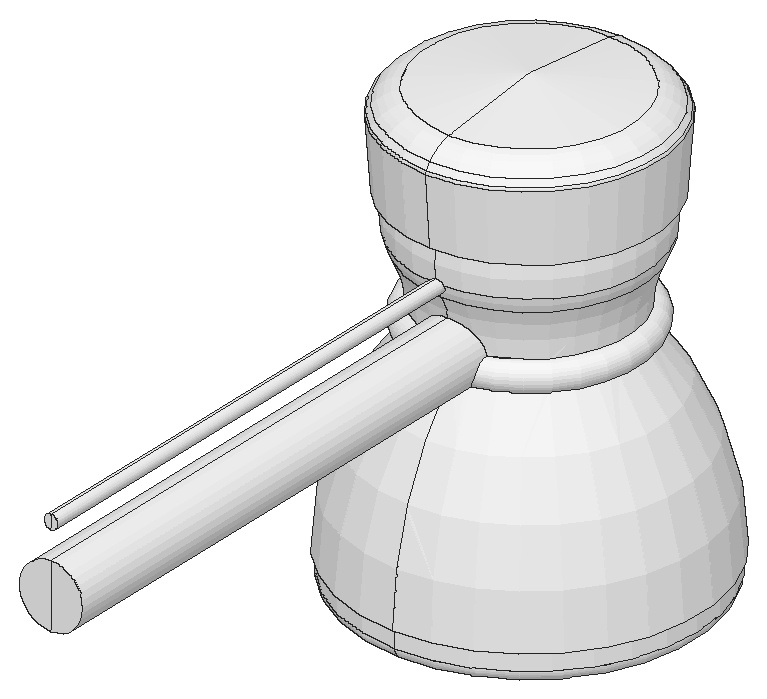
Revit family "734250001_Ducha Electrica 110V Megaducha", category Plumbing Fixtures, host Wall, Revit 2020 (continued)
Automatic sketch dimensions
  Revolve 60 sketch curve to Revolve 60 sketch curve = 0.173 mm
  Revolve 60 sketch curve to Revolve 60 sketch curve = 0.655 mm
  plane 8 to Revolve 61 sketch curve = 3.104 mm
  plane 9 to Revolve 61 sketch curve = 20.74 mm
  Revolve 61 sketch curve to Revolve 61 sketch curve = 1.25 mm
  Revolve 61 sketch curve to Revolve 61 sketch curve = 0 mm
  Revolve 61 sketch curve to Revolve 61 sketch curve = 0.173 mm
  Revolve 61 sketch curve to Revolve 61 sketch curve = 0.655 mm
  plane 8 to Revolve 62 sketch curve = 3.104 mm
  Revolve 62 sketch curve to plane 10 = 23.643 mm
  Revolve 62 sketch curve to Revolve 62 sketch curve = 1.25 mm
  Revolve 62 sketch curve to Revolve 62 sketch curve = 0 mm
  Revolve 62 sketch curve to Revolve 62 sketch curve = 0.173 mm
  Revolve 62 sketch curve to Revolve 62 sketch curve = 0.655 mm
  plane 8 to Revolve 63 sketch curve = 3.104 mm
  Revolve 63 sketch curve to plane 10 = 16.624 mm
  Revolve 63 sketch curve to Revolve 63 sketch curve = 1.25 mm
  Revolve 63 sketch curve to Revolve 63 sketch curve = 0 mm
  Revolve 63 sketch curve to Revolve 63 sketch curve = 0.173 mm
  Revolve 63 sketch curve to Revolve 63 sketch curve = 0.655 mm
  plane 8 to Revolve 64 sketch curve = 3.104 mm
  Revolve 64 sketch curve to plane 10 = 8.233 mm
  Revolve 64 sketch curve to Revolve 64 sketch curve = 1.25 mm
  Revolve 64 sketch curve to Revolve 64 sketch curve = 0 mm
  Revolve 64 sketch curve to Revolve 64 sketch curve = 0.173 mm
  Revolve 64 sketch curve to Revolve 64 sketch curve = 0.655 mm
  plane 8 to Revolve 65 sketch curve = 3.104 mm
  plane 9 to Revolve 65 sketch curve = 17.676 mm
  Revolve 65 sketch curve to Revolve 65 sketch curve = 1.25 mm
  Revolve 65 sketch curve to Revolve 65 sketch curve = 0 mm
  Revolve 65 sketch curve to Revolve 65 sketch curve = 0.655 mm
  Revolve 65 sketch curve to Revolve 65 sketch curve = 0.173 mm
  plane 8 to Revolve 66 sketch curve = 3.104 mm
  plane 9 to Revolve 66 sketch curve = 20.74 mm
  Revolve 66 sketch curve to Revolve 66 sketch curve = 1.25 mm
  Revolve 66 sketch curve to Revolve 66 sketch curve = 0 mm
  Revolve 66 sketch curve to Revolve 66 sketch curve = 0.655 mm
  Revolve 66 sketch curve to Revolve 66 sketch curve = 0.173 mm
  plane 8 to Revolve 67 sketch curve = 3.104 mm
  Revolve 67 sketch curve to plane 10 = 23.643 mm
  Revolve 67 sketch curve to Revolve 67 sketch curve = 1.25 mm
  Revolve 67 sketch curve to Revolve 67 sketch curve = 0 mm
  Revolve 67 sketch curve to Revolve 67 sketch curve = 0.655 mm
  Revolve 67 sketch curve to Revolve 67 sketch curve = 0.173 mm
  plane 8 to Revolve 68 sketch curve = 3.104 mm
  Revolve 68 sketch curve to plane 10 = 16.624 mm
  Revolve 68 sketch curve to Revolve 68 sketch curve = 1.25 mm
  Revolve 68 sketch curve to Revolve 68 sketch curve = 0 mm
  Revolve 68 sketch curve to Revolve 68 sketch curve = 0.655 mm
  Revolve 68 sketch curve to Revolve 68 sketch curve = 0.173 mm
  plane 8 to Revolve 69 sketch curve = 3.104 mm
  Revolve 69 sketch curve to plane 10 = 8.233 mm
  Revolve 69 sketch curve to Revolve 69 sketch curve = 1.25 mm
  Revolve 69 sketch curve to Revolve 69 sketch curve = 0 mm
  Revolve 69 sketch curve to Revolve 69 sketch curve = 0.655 mm
  Revolve 69 sketch curve to Revolve 69 sketch curve = 0.173 mm
  Revolve 2 sketch curve to plane 9 = 0 mm
  Revolve 2 sketch curve to plane 7 = 0 mm
  Revolve 2 sketch curve to plane 10 = 0 mm
  Revolve 2 sketch curve to plane 8 = 0 mm
  Revolve 2 sketch curve to plane 9 = 8.491 mm
  Revolve 2 sketch curve to Revolve 2 sketch curve = 0.79 mm
  Revolve 2 sketch curve to Revolve 2 sketch curve = 3.549 mm
  plane 9 to Revolve 2 sketch curve = 13.658 mm
  plane 9 to Revolve 2 sketch curve = 14.158 mm
  Revolve 2 sketch curve to Revolve 2 sketch curve = 2.291 mm
  plane 9 to Revolve 2 sketch curve = 21.389 mm
  Revolve 2 sketch curve to Revolve 2 sketch curve = 8.665 mm
  Revolve 2 sketch curve to Revolve 2 sketch curve = 2.704 mm
  Revolve 2 sketch curve to Revolve 2 sketch curve = 13.576 mm
  Revolve 2 sketch curve to plane 10 = 6.448 mm
  plane 10 to Revolve 2 sketch curve = 4.039 mm
  plane 10 to Revolve 2 sketch curve = 3.835 mm
  Revolve 2 sketch curve to plane 6 = 13.965 mm
  plane 6 to Revolve 2 sketch curve = 15.284 mm
  Revolve 2 sketch curve to plane 8 = 25.967 mm
  plane 8 to Revolve 2 sketch curve = 0.04 mm
  plane 8 to Revolve 2 sketch curve = 10.672 mm
  Revolve 2 sketch curve to Revolve 2 sketch curve = 5.042 mm
  plane 8 to Revolve 2 sketch curve = 15.954 mm
  Revolve 2 sketch curve to Revolve 2 sketch curve = 3.894 mm
  Revolve 2 sketch curve to Revolve 2 sketch curve = 25.421 mm
  Revolve 2 sketch curve to Revolve 2 sketch curve = 2.594 mm
  Revolve 2 sketch curve to Revolve 2 sketch curve = 7.7 mm
  Revolve 2 sketch curve to Revolve 2 sketch curve = 12.757 mm
  Revolve 2 sketch curve to Revolve 2 sketch curve = 2.245 mm
  Revolve 2 sketch curve to plane 7 = 12.616 mm
  Revolve 2 sketch curve to Revolve 2 sketch curve = 6.71 mm
  plane 7 to Revolve 2 sketch curve = 39.067 mm
  Revolve 2 sketch curve to Revolve 2 sketch curve = 0 mm  (x5)
  Revolve 2 sketch curve to Revolve 2 sketch curve = 8.624 mm
  Revolve 71 sketch curve to Revolve 71 sketch curve = 0.478 mm
  Revolve 71 sketch curve to Revolve 71 sketch curve = 1.006 mm
  Revolve 71 sketch curve to Revolve 71 sketch curve = 2.463 mm
  Revolve 71 sketch curve to Revolve 71 sketch curve = 0.765 mm
  Revolve 71 sketch curve to Revolve 71 sketch curve = 1.259 mm
  Revolve 71 sketch curve to Revolve 71 sketch curve = 0 mm  (x2)
  Revolve 71 sketch curve to Revolve 71 sketch curve = 0.82 mm  (x2)
  Revolve 72 sketch curve to Revolve 72 sketch curve = 0.478 mm
  Revolve 72 sketch curve to Revolve 72 sketch curve = 1.006 mm
  Revolve 72 sketch curve to Revolve 72 sketch curve = 2.463 mm
  Revolve 72 sketch curve to Revolve 72 sketch curve = 0.765 mm
  Revolve 72 sketch curve to Revolve 72 sketch curve = 1.259 mm
  Revolve 72 sketch curve to Revolve 72 sketch curve = 0 mm  (x2)
  Revolve 72 sketch curve to Revolve 72 sketch curve = 0.82 mm  (x2)
  Revolve 73 sketch curve to Revolve 73 sketch curve = 0.478 mm
  Revolve 73 sketch curve to Revolve 73 sketch curve = 1.006 mm
  Revolve 73 sketch curve to Revolve 73 sketch curve = 2.463 mm
  Revolve 73 sketch curve to Revolve 73 sketch curve = 0.765 mm
  Revolve 73 sketch curve to Revolve 73 sketch curve = 1.259 mm
  Revolve 73 sketch curve to Revolve 73 sketch curve = 0 mm  (x2)
  Revolve 73 sketch curve to Revolve 73 sketch curve = 0.82 mm  (x2)
  Revolve 75 sketch curve to Revolve 75 sketch curve = 0.478 mm
  Revolve 75 sketch curve to Revolve 75 sketch curve = 1.006 mm
  Revolve 75 sketch curve to Revolve 75 sketch curve = 2.463 mm
  Revolve 75 sketch curve to Revolve 75 sketch curve = 2.024 mm
  Revolve 75 sketch curve to Revolve 75 sketch curve = 0.765 mm
  Revolve 75 sketch curve to Revolve 75 sketch curve = 0 mm  (x2)
  Revolve 75 sketch curve to Revolve 75 sketch curve = 0.82 mm  (x2)
  Revolve 76 sketch curve to Revolve 76 sketch curve = 0.478 mm
  Revolve 76 sketch curve to Revolve 76 sketch curve = 1.006 mm
  Revolve 76 sketch curve to Revolve 76 sketch curve = 2.463 mm
  Revolve 76 sketch curve to Revolve 76 sketch curve = 2.024 mm
  Revolve 76 sketch curve to Revolve 76 sketch curve = 0.765 mm
  Revolve 76 sketch curve to Revolve 76 sketch curve = 0 mm  (x2)
  Revolve 76 sketch curve to Revolve 76 sketch curve = 0.82 mm  (x2)
  Revolve 77 sketch curve to Revolve 77 sketch curve = 0.478 mm
  Revolve 77 sketch curve to Revolve 77 sketch curve = 1.006 mm
  Revolve 77 sketch curve to Revolve 77 sketch curve = 2.463 mm
  Revolve 77 sketch curve to Revolve 77 sketch curve = 2.024 mm
  Revolve 77 sketch curve to Revolve 77 sketch curve = 0.765 mm
  Revolve 77 sketch curve to Revolve 77 sketch curve = 0 mm  (x2)
  Revolve 77 sketch curve to Revolve 77 sketch curve = 0.82 mm  (x2)
  Revolve 80 sketch curve to Revolve 80 sketch curve = 0.478 mm
  Revolve 80 sketch curve to Revolve 80 sketch curve = 1.006 mm
  Revolve 80 sketch curve to Revolve 80 sketch curve = 2.463 mm
  Revolve 80 sketch curve to Revolve 80 sketch curve = 2.024 mm
  Revolve 80 sketch curve to Revolve 80 sketch curve = 0.765 mm
  Revolve 80 sketch curve to Revolve 80 sketch curve = 0 mm  (x2)
  Revolve 80 sketch curve to Revolve 80 sketch curve = 0.82 mm  (x2)
  Revolve 81 sketch curve to Revolve 81 sketch curve = 0.478 mm
  Revolve 81 sketch curve to Revolve 81 sketch curve = 1.006 mm
  Revolve 81 sketch curve to Revolve 81 sketch curve = 2.463 mm
  Revolve 81 sketch curve to Revolve 81 sketch curve = 2.024 mm
  Revolve 81 sketch curve to Revolve 81 sketch curve = 0.765 mm
  Revolve 81 sketch curve to Revolve 81 sketch curve = 0 mm  (x2)
  Revolve 81 sketch curve to Revolve 81 sketch curve = 0.82 mm  (x2)
  Revolve 82 sketch curve to Revolve 82 sketch curve = 0.478 mm
  Revolve 82 sketch curve to Revolve 82 sketch curve = 1.006 mm
  Revolve 82 sketch curve to Revolve 82 sketch curve = 2.463 mm
  Revolve 82 sketch curve to Revolve 82 sketch curve = 2.024 mm
  Revolve 82 sketch curve to Revolve 82 sketch curve = 0.765 mm
  Revolve 82 sketch curve to Revolve 82 sketch curve = 0 mm  (x2)
  Revolve 82 sketch curve to Revolve 82 sketch curve = 0.82 mm  (x2)
  Revolve 83 sketch curve to Revolve 83 sketch curve = 0.478 mm
  Revolve 83 sketch curve to Revolve 83 sketch curve = 1.006 mm
  Revolve 83 sketch curve to Revolve 83 sketch curve = 2.463 mm
  Revolve 83 sketch curve to Revolve 83 sketch curve = 0.765 mm
  Revolve 83 sketch curve to Revolve 83 sketch curve = 1.259 mm
  Revolve 83 sketch curve to Revolve 83 sketch curve = 0 mm  (x2)
  Revolve 83 sketch curve to Revolve 83 sketch curve = 0.82 mm  (x2)
  Revolve 84 sketch curve to Revolve 84 sketch curve = 0.478 mm
  Revolve 84 sketch curve to Revolve 84 sketch curve = 1.006 mm
  Revolve 84 sketch curve to Revolve 84 sketch curve = 2.463 mm
  Revolve 84 sketch curve to Revolve 84 sketch curve = 0.765 mm
  Revolve 84 sketch curve to Revolve 84 sketch curve = 1.259 mm
  Revolve 84 sketch curve to Revolve 84 sketch curve = 0 mm  (x2)
  Revolve 84 sketch curve to Revolve 84 sketch curve = 0.82 mm  (x2)
  Revolve 85 sketch curve to Revolve 85 sketch curve = 0.478 mm
  Revolve 85 sketch curve to Revolve 85 sketch curve = 1.006 mm
  Revolve 85 sketch curve to Revolve 85 sketch curve = 2.463 mm
  Revolve 85 sketch curve to Revolve 85 sketch curve = 0.765 mm
  Revolve 85 sketch curve to Revolve 85 sketch curve = 1.259 mm
  Revolve 85 sketch curve to Revolve 85 sketch curve = 0 mm  (x2)
  Revolve 85 sketch curve to Revolve 85 sketch curve = 0.82 mm  (x2)
  Revolve 71 sketch curve to Revolve 71 sketch curve = 0.917 mm
  Revolve 72 sketch curve to Revolve 72 sketch curve = 0.917 mm
  Revolve 73 sketch curve to Revolve 73 sketch curve = 0.917 mm
  Revolve 75 sketch curve to Revolve 75 sketch curve = 0.917 mm
  Revolve 76 sketch curve to Revolve 76 sketch curve = 0.917 mm
  Revolve 77 sketch curve to Revolve 77 sketch curve = 0.917 mm
  Revolve 80 sketch curve to Revolve 80 sketch curve = 0.917 mm
  Revolve 81 sketch curve to Revolve 81 sketch curve = 0.917 mm
  Revolve 82 sketch curve to Revolve 82 sketch curve = 0.917 mm
  Revolve 83 sketch curve to Revolve 83 sketch curve = 0.917 mm
  Revolve 84 sketch curve to Revolve 84 sketch curve = 0.917 mm
  Revolve 85 sketch curve to Revolve 85 sketch curve = 0.917 mm
  Revolve 74 sketch curve to Revolve 74 sketch curve = 0.478 mm
  Revolve 74 sketch curve to Revolve 74 sketch curve = 1.006 mm
  Revolve 74 sketch curve to Revolve 74 sketch curve = 2.463 mm
  Revolve 74 sketch curve to Revolve 74 sketch curve = 0.765 mm
  Revolve 74 sketch curve to Revolve 74 sketch curve = 1.259 mm
  Revolve 74 sketch curve to Revolve 74 sketch curve = 0.917 mm
  Revolve 74 sketch curve to Revolve 74 sketch curve = 0 mm  (x2)
  Revolve 74 sketch curve to Revolve 74 sketch curve = 0.82 mm  (x2)
  Revolve 78 sketch curve to Revolve 78 sketch curve = 1.935 mm
  Revolve 78 sketch curve to Revolve 78 sketch curve = 0.528 mm
  Revolve 78 sketch curve to Revolve 78 sketch curve = 1.006 mm
  Revolve 78 sketch curve to Revolve 78 sketch curve = 0.765 mm
  Revolve 78 sketch curve to Revolve 78 sketch curve = 1.259 mm
  Revolve 78 sketch curve to Revolve 78 sketch curve = 0.917 mm
  Revolve 78 sketch curve to Revolve 78 sketch curve = 0 mm  (x2)
  Revolve 78 sketch curve to Revolve 78 sketch curve = 0.82 mm  (x2)
  Revolve 70 sketch curve to Revolve 70 sketch curve = 0.478 mm
  Revolve 70 sketch curve to Revolve 70 sketch curve = 1.006 mm
  Revolve 70 sketch curve to Revolve 70 sketch curve = 2.463 mm
  Revolve 70 sketch curve to Revolve 70 sketch curve = 0.765 mm
  Revolve 70 sketch curve to Revolve 70 sketch curve = 1.259 mm
  Revolve 70 sketch curve to Revolve 70 sketch curve = 0.917 mm
  Revolve 70 sketch curve to Revolve 70 sketch curve = 0 mm  (x2)
  Revolve 70 sketch curve to Revolve 70 sketch curve = 0.82 mm  (x2)
  Revolve 79 sketch curve to Revolve 79 sketch curve = 1.935 mm
  Revolve 79 sketch curve to Revolve 79 sketch curve = 0.528 mm
  Revolve 79 sketch curve to Revolve 79 sketch curve = 1.006 mm
  Revolve 79 sketch curve to Revolve 79 sketch curve = 0.765 mm
  Revolve 79 sketch curve to Revolve 79 sketch curve = 1.259 mm
  Revolve 79 sketch curve to Revolve 79 sketch curve = 0.917 mm
  Revolve 79 sketch curve to Revolve 79 sketch curve = 0 mm  (x2)
  Revolve 79 sketch curve to Revolve 79 sketch curve = 0.82 mm  (x2)
Nested families
  nested 1: "Frontal" at (125, 300, 1983) x (-1, 0, 0) z (0, 1, 0), type "Frontal"
  nested 2: "Lateral" at (125, 250, 1983) x (0, -1, 0) z (1, 0, 0), type "Lateral"
  nested 3: "Planta" at (125, 249.92, 1988.668) x (-1, 0, 0) z (0, 0, -1), type "Planta"
Connectors
  piping at (125, 75, 2062.628), diameter 12.7
    settings: on cut or joined group of Revolve 2, Revolve 4, index 1, connector inside diameter 609.6 mm, connector length 0 mm, flow factor 0, pipe flow 0.0 L/s, pressure drop 0.0 Pa, fitting loss kfactor 0, connector angle 0.00°, fixture units 0, engagement length 0 mm, angle of deflection 0.00°, flow configuration 2, flow direction 1, fitting loss method 0, system type 19, joint type 0, gender type 0, connector reference index -1, connector utility 0, adjustable connector no, is connector primary yes, connector description ""
  electrical at (125, 75, 2082.081)
    settings: on Revolve 5, index 2, voltage 110 V, apparent load 0 VA, apparent load phase1 0 VA, apparent load phase2 0 VA, apparent load phase3 0 VA, power factor 1, load classification "Other", number of poles 1, system type 31, power factor state 1, is connector primary yes, connector utility no, sub classification motor no, connector description ""
Definition of nested family "Frontal"
  Reference planes
    plane 1 "Center (Front/Back)": y = 0
    plane 2: z = 0
    plane 3 "Center (Left/Right)": x = 0
  Lines and regions (mm)
    Masking region 1, in view "Ref. Level"
      outline origin (0, 0, 0) x (1, 0, 0) y (0, 1, 0)
        loop
          arc (0, 127.202) -> (-14.988, 125.947) -> (-29.631, 122.508) r 102.273
          arc (-29.631, 122.508) -> (-32.413, 120.652) -> (-33.759, 117.589) r 5.965
          arc (-33.759, 117.589) -> (-33.996, 113.896) -> (-33.75, 110.204) r 28.273
          arc (-33.75, 110.204) -> (-32.535, 104.958) -> (-30.347, 100.037) r 28.273
          line (-30.347, 100.037) -> (-29.251, 100.037)
          arc (-29.251, 100.037) -> (-30.526, 95.196) -> (-30.548, 90.19) r 19.837
          arc (-30.548, 90.19) -> (-30.183, 88.77) -> (-29.468, 87.49) r 5.687
          arc (-29.468, 87.49) -> (-27.463, 84.014) -> (-26.313, 80.169) r 17.313
          line (-26.313, 80.169) -> (-25.211, 73.92)
          arc (-25.211, 73.92) -> (-29.207, 69.924) -> (-25.211, 65.929) r 3.996
          arc (-25.211, 65.929) -> (-43.203, 43.807) -> (-49.558, 16.01) r 62.8
          line (-49.558, 16.01) -> (-49.558, 14.955) -> (-47.508, 14.955) -> (-47.508, 9.987)
          arc (-47.508, 9.987) -> (-47.277, 9.252) -> (-46.667, 8.781) r 1.286
          arc (-46.667, 8.781) -> (-23.703, 2.425) -> (0, 0) r 141.951
          arc (0, 0) -> (23.703, 2.425) -> (46.667, 8.781) r 141.951
          arc (46.667, 8.781) -> (47.277, 9.252) -> (47.508, 9.987) r 1.286
          line (47.508, 9.987) -> (47.508, 14.955) -> (49.558, 14.955) -> (49.558, 16.01)
          arc (49.558, 16.01) -> (43.203, 43.807) -> (25.211, 65.929) r 62.8
          arc (25.211, 65.929) -> (28.593, 67.797) -> (28.813, 71.655) r 3.996
          arc (28.813, 71.655) -> (27.411, 73.26) -> (25.384, 73.917) r 3.996
          line (25.384, 73.917) -> (25.94, 77.074)
          arc (25.94, 77.074) -> (26.705, 79.807) -> (27.6, 82.501) r 59.241
          arc (27.6, 82.501) -> (28.385, 84.466) -> (29.31, 86.37) r 29.587
          arc (29.31, 86.37) -> (29.787, 87.555) -> (30.183, 88.77) r 19.047
          arc (30.183, 88.77) -> (30.412, 89.468) -> (30.548, 90.19) r 5.687
          arc (30.548, 90.19) -> (30.663, 93.748) -> (30.14, 97.268) r 19.837
          arc (30.14, 97.268) -> (29.851, 98.557) -> (29.457, 99.817) r 16.08
          line (29.457, 99.817) -> (31.557, 99.817) -> (31.557, 102.442)
          arc (31.557, 102.442) -> (33.702, 109.864) -> (33.759, 117.589) r 28.273
          arc (33.759, 117.589) -> (32.413, 120.652) -> (29.631, 122.508) r 5.965
          arc (29.631, 122.508) -> (14.988, 125.947) -> (0, 127.202) r 102.273
    detail lines, in view "Ref. Level"
      curve 1: arc (30.14, 97.268, 0) -> (29.851, 98.557, 0) -> (29.457, 99.817, 0) r 16.08
      curve 2: line (29.457, 99.817, 0) -> (31.557, 99.817, 0)
      curve 3: line (31.557, 99.817, 0) -> (31.557, 102.442, 0)
      curve 4: line (29.457, 99.817, 0) -> (-29.338, 99.817, 0)
      curve 5: line (-25.211, 73.92, 0) -> (25.211, 73.92, 0)
      curve 6: arc (28.813, 71.655, 0) -> (27.338, 73.307, 0) -> (25.211, 73.92, 0) r 3.996
      curve 7: line (-25.211, 65.929, 0) -> (25.211, 65.929, 0)
      curve 8: line (-47.508, 14.955, 0) -> (47.508, 14.955, 0)
      curve 9: arc (30.183, 88.77, 0) -> (29.787, 87.555, 0) -> (29.31, 86.37, 0) r 19.047
      curve 10: arc (29.31, 86.37, 0) -> (28.385, 84.466, 0) -> (27.6, 82.501, 0) r 29.587
      curve 11: arc (27.6, 82.501, 0) -> (26.705, 79.807, 0) -> (25.94, 77.074, 0) r 59.241
      curve 12: line (25.94, 77.074, 0) -> (25.384, 73.917, 0)
      curve 13: spline (0, 6.197, 0) -> (0.192, 6.267, 0) -> (0.371, 6.472, 0) -> (0.524, 6.798, 0) -> (0.642, 7.223, 0) -> (0.716, 7.719, 0) -> (0.742, 8.25, 0) -> (0.716, 8.782, 0) -> (0.642, 9.277, 0) -> (0.524, 9.702, 0) -> (0.371, 10.029, 0) -> (0.192, 10.234, 0) -> (0, 10.304, 0) -> (-0.192, 10.234, 0) -> (-0.371, 10.029, 0) -> (-0.524, 9.702, 0) -> (-0.642, 9.277, 0) -> (-0.716, 8.782, 0) -> (-0.742, 8.25, 0) -> (-0.716, 7.719, 0) -> (-0.642, 7.223, 0) -> (-0.524, 6.798, 0) -> (-0.371, 6.472, 0) -> (-0.192, 6.267, 0) -> (0, 6.197, 0)
      curve 14: spline (-18.592, 6.233, 0) -> (-18.4, 6.303, 0) -> (-18.221, 6.509, 0) -> (-18.068, 6.835, 0) -> (-17.95, 7.26, 0) -> (-17.876, 7.756, 0) -> (-17.851, 8.287, 0) -> (-17.876, 8.819, 0) -> (-17.95, 9.314, 0) -> (-18.068, 9.739, 0) -> (-18.221, 10.066, 0) -> (-18.4, 10.271, 0) -> (-18.592, 10.341, 0) -> (-18.784, 10.271, 0) -> (-18.963, 10.066, 0) -> (-19.116, 9.739, 0) -> (-19.234, 9.314, 0) -> (-19.308, 8.819, 0) -> (-19.334, 8.287, 0) -> (-19.308, 7.756, 0) -> (-19.234, 7.26, 0) -> (-19.116, 6.835, 0) -> (-18.963, 6.509, 0) -> (-18.784, 6.303, 0) -> (-18.592, 6.233, 0)
      curve 15: spline (-33.572, 6.386, 0) -> (-33.38, 6.456, 0) -> (-33.201, 6.661, 0) -> (-33.047, 6.987, 0) -> (-32.929, 7.413, 0) -> (-32.855, 7.908, 0) -> (-32.83, 8.44, 0) -> (-32.855, 8.971, 0) -> (-32.929, 9.466, 0) -> (-33.047, 9.892, 0) -> (-33.201, 10.218, 0) -> (-33.38, 10.423, 0) -> (-33.572, 10.493, 0) -> (-33.764, 10.423, 0) -> (-33.942, 10.218, 0) -> (-34.096, 9.892, 0) -> (-34.214, 9.466, 0) -> (-34.288, 8.971, 0) -> (-34.313, 8.44, 0) -> (-34.288, 7.908, 0) -> (-34.214, 7.413, 0) -> (-34.096, 6.987, 0) -> (-33.942, 6.661, 0) -> (-33.764, 6.456, 0) -> (-33.572, 6.386, 0)
      curve 16: spline (18.592, 6.233, 0) -> (18.4, 6.303, 0) -> (18.221, 6.509, 0) -> (18.068, 6.835, 0) -> (17.95, 7.26, 0) -> (17.876, 7.756, 0) -> (17.851, 8.287, 0) -> (17.876, 8.819, 0) -> (17.95, 9.314, 0) -> (18.068, 9.739, 0) -> (18.221, 10.066, 0) -> (18.4, 10.271, 0) -> (18.592, 10.341, 0) -> (18.784, 10.271, 0) -> (18.963, 10.066, 0) -> (19.116, 9.739, 0) -> (19.234, 9.314, 0) -> (19.308, 8.819, 0) -> (19.334, 8.287, 0) -> (19.308, 7.756, 0) -> (19.234, 7.26, 0) -> (19.116, 6.835, 0) -> (18.963, 6.509, 0) -> (18.784, 6.303, 0) -> (18.592, 6.233, 0)
      curve 17: spline (33.572, 6.386, 0) -> (33.38, 6.456, 0) -> (33.201, 6.661, 0) -> (33.047, 6.987, 0) -> (32.929, 7.413, 0) -> (32.855, 7.908, 0) -> (32.83, 8.44, 0) -> (32.855, 8.971, 0) -> (32.929, 9.466, 0) -> (33.047, 9.892, 0) -> (33.201, 10.218, 0) -> (33.38, 10.423, 0) -> (33.572, 10.493, 0) -> (33.764, 10.423, 0) -> (33.942, 10.218, 0) -> (34.096, 9.892, 0) -> (34.214, 9.466, 0) -> (34.288, 8.971, 0) -> (34.313, 8.44, 0) -> (34.288, 7.908, 0) -> (34.214, 7.413, 0) -> (34.096, 6.987, 0) -> (33.942, 6.661, 0) -> (33.764, 6.456, 0) -> (33.572, 6.386, 0)
      curve 18: circle (0, 113.199, 0) r 3.498 normal (0, 0, 1)
Definition of nested family "Lateral"
  Reference planes
    plane 1 "Center (Front/Back)": y = 0
    plane 2: z = 0
    plane 3 "Center (Left/Right)": x = 0
  Lines and regions (mm)
    Masking region 1, in view "Ref. Level"
      outline origin (0, 0, 0) x (1, 0, 0) y (0, 1, 0)
        loop
          arc (0, 127.202) -> (-14.988, 125.947) -> (-29.631, 122.508) r 102.273
          arc (-29.631, 122.508) -> (-32.413, 120.652) -> (-33.759, 117.589) r 5.965
          arc (-33.759, 117.589) -> (-33.937, 115.764) -> (-33.996, 113.931) r 28.273
          line (-33.996, 113.931) -> (-38.431, 113.931)
          arc (-38.431, 113.931) -> (-39.845, 113.345) -> (-40.43, 111.931) r 2
          line (-40.43, 111.931) -> (-40.43, 108.323)
          arc (-40.43, 108.323) -> (-39.838, 106.894) -> (-38.409, 106.302) r 2.021
          line (-38.409, 106.302) -> (-32.947, 106.302)
          arc (-32.947, 106.302) -> (-31.836, 103.091) -> (-30.347, 100.037) r 28.273
          line (-30.347, 100.037) -> (-29.251, 100.037)
          arc (-29.251, 100.037) -> (-30.526, 95.196) -> (-30.548, 90.19) r 19.837
          arc (-30.548, 90.19) -> (-30.183, 88.77) -> (-29.468, 87.49) r 5.687
          arc (-29.468, 87.49) -> (-27.463, 84.014) -> (-26.313, 80.169) r 17.313
          line (-26.313, 80.169) -> (-25.211, 73.92)
          arc (-25.211, 73.92) -> (-29.207, 69.924) -> (-25.211, 65.929) r 3.996
          arc (-25.211, 65.929) -> (-43.203, 43.807) -> (-49.558, 16.01) r 62.8
          line (-49.558, 16.01) -> (-49.558, 14.955) -> (-47.508, 14.955) -> (-47.508, 9.987)
          arc (-47.508, 9.987) -> (-47.277, 9.252) -> (-46.667, 8.781) r 1.286
          arc (-46.667, 8.781) -> (-23.703, 2.425) -> (0, 0) r 141.951
          arc (0, 0) -> (23.703, 2.425) -> (46.667, 8.781) r 141.951
          arc (46.667, 8.781) -> (47.277, 9.252) -> (47.508, 9.987) r 1.286
          line (47.508, 9.987) -> (47.508, 14.955) -> (49.558, 14.955) -> (49.558, 16.01)
          arc (49.558, 16.01) -> (43.203, 43.807) -> (25.211, 65.929) r 62.8
          arc (25.211, 65.929) -> (28.593, 67.797) -> (28.813, 71.655) r 3.996
          line (28.813, 71.655) -> (175.026, 71.655) -> (175.026, 88.77) -> (30.183, 88.77)
          arc (30.183, 88.77) -> (30.412, 89.468) -> (30.548, 90.19) r 5.687
          arc (30.548, 90.19) -> (30.663, 93.748) -> (30.14, 97.268) r 19.837
          line (30.14, 97.268) -> (175.026, 97.268) -> (175.026, 102.442) -> (31.557, 102.442)
          arc (31.557, 102.442) -> (33.702, 109.864) -> (33.759, 117.589) r 28.273
          arc (33.759, 117.589) -> (32.413, 120.652) -> (29.631, 122.508) r 5.965
          arc (29.631, 122.508) -> (14.988, 125.947) -> (0, 127.202) r 102.273
    detail lines, in view "Ref. Level"
      curve 1: arc (-33.996, 113.931, 0) -> (-33.698, 110.085, 0) -> (-32.947, 106.302, 0) r 32.562
      curve 2: arc (30.14, 97.268, 0) -> (29.851, 98.557, 0) -> (29.457, 99.817, 0) r 16.08
      curve 3: line (29.457, 99.817, 0) -> (31.557, 99.817, 0)
      curve 4: line (31.557, 99.817, 0) -> (31.557, 102.442, 0)
      curve 5: line (29.457, 99.817, 0) -> (-29.338, 99.817, 0)
      curve 6: line (-25.211, 73.92, 0) -> (25.211, 73.92, 0)
      curve 7: arc (28.813, 71.655, 0) -> (27.338, 73.307, 0) -> (25.211, 73.92, 0) r 3.996
      curve 8: line (-25.211, 65.929, 0) -> (25.211, 65.929, 0)
      curve 9: line (-47.508, 14.955, 0) -> (47.508, 14.955, 0)
      curve 10: arc (30.183, 88.77, 0) -> (29.787, 87.555, 0) -> (29.31, 86.37, 0) r 19.047
      curve 11: arc (29.31, 86.37, 0) -> (28.385, 84.466, 0) -> (27.6, 82.501, 0) r 29.587
      curve 12: arc (27.6, 82.501, 0) -> (26.705, 79.807, 0) -> (25.94, 77.074, 0) r 59.241
      curve 13: line (25.94, 77.074, 0) -> (25.384, 73.917, 0)
      curve 14: spline (0, 6.197, 0) -> (0.192, 6.267, 0) -> (0.371, 6.472, 0) -> (0.524, 6.798, 0) -> (0.642, 7.223, 0) -> (0.716, 7.719, 0) -> (0.742, 8.25, 0) -> (0.716, 8.782, 0) -> (0.642, 9.277, 0) -> (0.524, 9.702, 0) -> (0.371, 10.029, 0) -> (0.192, 10.234, 0) -> (0, 10.304, 0) -> (-0.192, 10.234, 0) -> (-0.371, 10.029, 0) -> (-0.524, 9.702, 0) -> (-0.642, 9.277, 0) -> (-0.716, 8.782, 0) -> (-0.742, 8.25, 0) -> (-0.716, 7.719, 0) -> (-0.642, 7.223, 0) -> (-0.524, 6.798, 0) -> (-0.371, 6.472, 0) -> (-0.192, 6.267, 0) -> (0, 6.197, 0)
      curve 15: spline (-18.592, 6.233, 0) -> (-18.4, 6.303, 0) -> (-18.221, 6.509, 0) -> (-18.068, 6.835, 0) -> (-17.95, 7.26, 0) -> (-17.876, 7.756, 0) -> (-17.851, 8.287, 0) -> (-17.876, 8.819, 0) -> (-17.95, 9.314, 0) -> (-18.068, 9.739, 0) -> (-18.221, 10.066, 0) -> (-18.4, 10.271, 0) -> (-18.592, 10.341, 0) -> (-18.784, 10.271, 0) -> (-18.963, 10.066, 0) -> (-19.116, 9.739, 0) -> (-19.234, 9.314, 0) -> (-19.308, 8.819, 0) -> (-19.334, 8.287, 0) -> (-19.308, 7.756, 0) -> (-19.234, 7.26, 0) -> (-19.116, 6.835, 0) -> (-18.963, 6.509, 0) -> (-18.784, 6.303, 0) -> (-18.592, 6.233, 0)
      curve 16: spline (-33.572, 6.386, 0) -> (-33.38, 6.456, 0) -> (-33.201, 6.661, 0) -> (-33.047, 6.987, 0) -> (-32.929, 7.413, 0) -> (-32.855, 7.908, 0) -> (-32.83, 8.44, 0) -> (-32.855, 8.971, 0) -> (-32.929, 9.466, 0) -> (-33.047, 9.892, 0) -> (-33.201, 10.218, 0) -> (-33.38, 10.423, 0) -> (-33.572, 10.493, 0) -> (-33.764, 10.423, 0) -> (-33.942, 10.218, 0) -> (-34.096, 9.892, 0) -> (-34.214, 9.466, 0) -> (-34.288, 8.971, 0) -> (-34.313, 8.44, 0) -> (-34.288, 7.908, 0) -> (-34.214, 7.413, 0) -> (-34.096, 6.987, 0) -> (-33.942, 6.661, 0) -> (-33.764, 6.456, 0) -> (-33.572, 6.386, 0)
      curve 17: spline (18.592, 6.233, 0) -> (18.4, 6.303, 0) -> (18.221, 6.509, 0) -> (18.068, 6.835, 0) -> (17.95, 7.26, 0) -> (17.876, 7.756, 0) -> (17.851, 8.287, 0) -> (17.876, 8.819, 0) -> (17.95, 9.314, 0) -> (18.068, 9.739, 0) -> (18.221, 10.066, 0) -> (18.4, 10.271, 0) -> (18.592, 10.341, 0) -> (18.784, 10.271, 0) -> (18.963, 10.066, 0) -> (19.116, 9.739, 0) -> (19.234, 9.314, 0) -> (19.308, 8.819, 0) -> (19.334, 8.287, 0) -> (19.308, 7.756, 0) -> (19.234, 7.26, 0) -> (19.116, 6.835, 0) -> (18.963, 6.509, 0) -> (18.784, 6.303, 0) -> (18.592, 6.233, 0)
      curve 18: spline (33.572, 6.386, 0) -> (33.38, 6.456, 0) -> (33.201, 6.661, 0) -> (33.047, 6.987, 0) -> (32.929, 7.413, 0) -> (32.855, 7.908, 0) -> (32.83, 8.44, 0) -> (32.855, 8.971, 0) -> (32.929, 9.466, 0) -> (33.047, 9.892, 0) -> (33.201, 10.218, 0) -> (33.38, 10.423, 0) -> (33.572, 10.493, 0) -> (33.764, 10.423, 0) -> (33.942, 10.218, 0) -> (34.096, 9.892, 0) -> (34.214, 9.466, 0) -> (34.288, 8.971, 0) -> (34.313, 8.44, 0) -> (34.288, 7.908, 0) -> (34.214, 7.413, 0) -> (34.096, 6.987, 0) -> (33.942, 6.661, 0) -> (33.764, 6.456, 0) -> (33.572, 6.386, 0)
Definition of nested family "Planta"
  Reference planes
    plane 1 "Center (Front/Back)": y = 0
    plane 2: z = 0
    plane 3 "Center (Left/Right)": x = 0
  Lines and regions (mm)
    detail lines, in view "Ref. Level"
      curve 1: circle (0, 0, 0) r 47.911 normal (0, 0, 1)
      curve 2: line (-1.769, 13.629, 0) -> (-1.769, 17.607, 0)
      curve 3: arc (-1.769, 17.607, 0) -> (0.002, 19.378, 0) -> (1.774, 17.607, 0) r 1.771
      curve 4: line (1.774, 17.607, 0) -> (1.774, 13.629, 0)
      curve 5: arc (1.774, 13.629, 0) -> (0.002, 11.858, 0) -> (-1.769, 13.629, 0) r 1.771
      curve 6: line (-1.769, -13.629, 0) -> (-1.769, -17.607, 0)
      curve 7: arc (-1.769, -17.607, 0) -> (0.002, -19.378, 0) -> (1.774, -17.607, 0) r 1.771
      curve 8: line (1.774, -17.607, 0) -> (1.774, -13.629, 0)
      curve 9: arc (1.774, -13.629, 0) -> (0.002, -11.858, 0) -> (-1.769, -13.629, 0) r 1.771
      curve 10: line (14.943, -1.771, 0) -> (18.92, -1.771, 0)
      curve 11: arc (18.92, -1.771, 0) -> (20.692, 0, 0) -> (18.92, 1.771, 0) r 1.771
      curve 12: line (18.92, 1.771, 0) -> (14.943, 1.771, 0)
      curve 13: arc (14.943, 1.771, 0) -> (13.172, 0, 0) -> (14.943, -1.771, 0) r 1.771
      curve 14: line (-14.943, -1.771, 0) -> (-18.92, -1.771, 0)
      curve 15: arc (-18.92, -1.771, 0) -> (-20.692, 0, 0) -> (-18.92, 1.771, 0) r 1.771
      curve 16: line (-18.92, 1.771, 0) -> (-14.943, 1.771, 0)
      curve 17: arc (-14.943, 1.771, 0) -> (-13.172, 0, 0) -> (-14.943, -1.771, 0) r 1.771
      curve 18: line (-4.404, -57.185, 0) -> (4.404, -57.185, 0)
      curve 19: line (-3.418, -65.973, 0) -> (3.418, -65.973, 0)
      curve 20: arc (9.404, -49.108, 0) -> (0, 50, 0) -> (-9.404, -49.108, 0) r 50
      curve 21: line (-9.404, -49.108, 0) -> (-9.404, -57.185, 0)
      curve 22: line (-9.404, -57.185, 0) -> (-4.404, -57.185, 0)
      curve 23: line (-4.404, -57.185, 0) -> (-4.404, -65.973, 0)
      curve 24: line (-4.404, -65.973, 0) -> (-6.2, -65.973, 0)
      curve 25: line (-6.2, -65.973, 0) -> (-6.2, -174.92, 0)
      curve 26: line (-6.2, -174.92, 0) -> (2.495, -174.92, 0)
      curve 27: line (2.495, -174.92, 0) -> (6.2, -174.92, 0)
      curve 28: line (6.2, -174.92, 0) -> (6.2, -65.973, 0)
      curve 29: line (6.2, -65.973, 0) -> (4.404, -65.973, 0)
      curve 30: line (4.404, -65.973, 0) -> (4.404, -57.185, 0)
      curve 31: line (4.404, -57.185, 0) -> (9.404, -57.185, 0)
      curve 32: line (9.404, -57.185, 0) -> (9.404, -49.108, 0)
